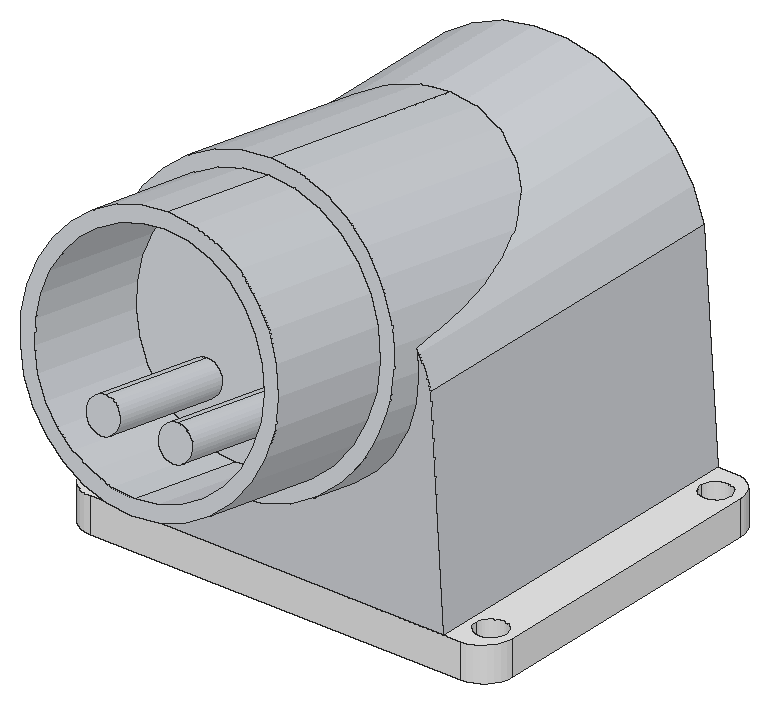
Revit family "Building-IEC309Connections-GEWISS-IEC309BTS-90°_SURF_MOUNT_INLET_20-25V_IP44", category Apparecchi elettrici, host Superficie, Revit 2019
Family settings
  Host = Superficie
  Mantenere orientamento annotazione = Sì
  Quota connettore circolare = Usa diametro
  Tipo di parte = Normale
  Taglio con vuoti quando caricato = No
  Condiviso = No
  Punto di calcolo locali = Sì
Parameters (values of type "GW60481 - IP44 90°APPL.INLET 2P 32A CC 24/42V 10H")
  simbolo acceso [instance] = yes
  distanza_simbolo [instance] = 1 mm
  distanza dal piano [instance] = 0 mm
  W = 115 mm  # constant formula
  Version file RFA = "21.11"
  URL = "https://www.gewiss.com/ww/en"
  Typology = "90° angled surface mounting inlet"
  Type of wiring = "With screw"
  Total number of operations = "-2000"
  Thermo-pressure with ball = "125 °C (active parts) - 80 °C (passive parts)"
  Terminal tightening capacity = "2.5-6mm² flexible cables - 2.5-10mm² rigid cables"
  Technical sheet = "https://www.gewiss.com/ww/en/search?q=GW60481"
  Spostamento_effettivo_S [instance] = 4000 mm - Spostamento_S  # 3045 mm
  Spostamento_S = 955 mm
  Shock resistance = "IK08"
  SPinotto = Default(2)
  SEO = "Inlet"
  Reference h: = "10"
  Realized by GEWISS S.p.A. = ""
  Rated voltage: = "20-25V and 40-50 V"
  Rated current (A) = "32"
  Default Elevation = 1219.2 mm
  Produttore = "GEWISS S.p.A."
  Piastra = Default(2)
  Permissible overload = "42A"
  Operating temperature: = "-25 +40 °C"
  No. of poles = "2P"
  Model = "GW60481"
  L = 155 mm  # constant formula
  Insulation resistance = "- 10 M?"
  Immagine tipo = (empty or 0)
  IP degree = "IP44"
  IDT = "821e2a5f66e94c3ca955b7df865af73c"
  IDF = "296db634-9b8b-4885-b434-385580f18e3b"
  Glow wire test: = "850 °C (active parts) - 650 °C (passive parts)"
  Frequency = "d.c."
  FORMULA = 1000 mm * 1  # 1000 mm
  Electrocod = "2230"
  Description = "IP44 90°APPL.INLET 2P 32A CC 24/42V 10H"
  Corpo centrale = Default(2)
  Colour: = "White"
  Catalogue = "BUILDING"
  COBie.Tagnumber = ""
  COBie.CreatedOn = ""
  COBie.CreatebBy = ""
  COBie.ComponentRegisterItemID = ""
  COBie.Component.TagNumber = ""
  COBie.Component.Space = ""
  COBie.Component.SerialNumber = ""
  COBie.Component.InstallationDate = ""
  COBie.Component.Description = ""
  COBie.Component.BarCode = ""
  Breaking capacity at 1.1 Un = "40A"
  BLOCCO = "B=C"
Types (18, lengths in mm): name | Total number of operations | Terminal tightening capacity | Technical sheet | Reference h: | Rated voltage: | Rated current (A) | Permissible overload | No. of poles | Model | IDT | Frequency | Description | Colour: | Breaking capacity at 1.1 Un
  GW60464 - IP44 90°APPL.INLET 2P 16A 24V N.R. | "-5000" | "1-2.5mm² flexible cables - 1.5-4mm² rigid cables" | "https://www.gewiss.com/ww/en/search?q=GW60464" | "-" | "20-25 V" | "16" | "22A" | "2P" | "GW60464" | "8f9231174a304a94be36c30e048564a6" | "50 - 60 Hz" | "IP44 90°APPL.INLET 2P 16A 24V N.R." | "Violet" | "20A"
  GW60465 - IP44 90°APPL.INLET 3P 16A 24V N.R. | "-5000" | "1-2.5mm² flexible cables - 1.5-4mm² rigid cables" | "https://www.gewiss.com/ww/en/search?q=GW60465" | "-" | "20-25 V" | "16" | "22A" | "3P" | "GW60465" | "ba3ec58e8ed24f709861a0556e7bc539" | "50 - 60 Hz" | "IP44 90°APPL.INLET 3P 16A 24V N.R." | "Violet" | "20A"
  GW60466 - IP44 90°APPL.INLET 2P 16A 42V 12H | "-5000" | "1-2.5mm² flexible cables - 1.5-4mm² rigid cables" | "https://www.gewiss.com/ww/en/search?q=GW60466" | "12" | "40-50 V" | "16" | "22A" | "2P" | "GW60466" | "986a607f4fb6419c9de7e3133ce5927d" | "50 - 60 Hz" | "IP44 90°APPL.INLET 2P 16A 42V 12H" | "White" | "20A"
  GW60467 - IP44 90°APPL.INLET 3P 16A 42V 12H | "-5000" | "1-2.5mm² flexible cables - 1.5-4mm² rigid cables" | "https://www.gewiss.com/ww/en/search?q=GW60467" | "12" | "40-50 V" | "16" | "22A" | "3P" | "GW60467" | "9ec27e71a097473186d8bc92797a8960" | "50 - 60 Hz" | "IP44 90°APPL.INLET 3P 16A 42V 12H" | "White" | "20A"
  GW60468 - IP44 90°APPL.INLET 2P 16A 24/42V 4H | "-5000" | "1-2.5mm² flexible cables - 1.5-4mm² rigid cables" | "https://www.gewiss.com/ww/en/search?q=GW60468" | "4" | "20-25V and 40-50 V" | "16" | "22A" | "2P" | "GW60468" | "afca2cd228534dd79af195212be72e36" | "100 - 200 Hz" | "IP44 90°APPL.INLET 2P 16A 24/42V 4H" | "Green" | "20A"
  GW60469 - IP44 90°APPL.INLET 3P 16A 24/42V 4H | "-5000" | "1-2.5mm² flexible cables - 1.5-4mm² rigid cables" | "https://www.gewiss.com/ww/en/search?q=GW60469" | "4" | "20-25V and 40-50 V" | "16" | "22A" | "3P" | "GW60469" | "cb7d859783e54eeab3cc56a992f005ae" | "100 - 200 Hz" | "IP44 90°APPL.INLET 3P 16A 24/42V 4H" | "Green" | "20A"
  GW60470 - IP44 90°APPL.INLET 2P 16A 24/42V 11H | "-5000" | "1-2.5mm² flexible cables - 1.5-4mm² rigid cables" | "https://www.gewiss.com/ww/en/search?q=GW60470" | "11" | "20-25V and 40-50 V" | "16" | "22A" | "2P" | "GW60470" | "e00d8f5f2f3e4f01b37b98778d28a8af" | "401 - 500 Hz" | "IP44 90°APPL.INLET 2P 16A 24/42V 11H" | "Green" | "20A"
  GW60471 - IP44 90°APPL.INLET 3P 16A 24/42V 11H | "-5000" | "1-2.5mm² flexible cables - 1.5-4mm² rigid cables" | "https://www.gewiss.com/ww/en/search?q=GW60471" | "11" | "20-25V and 40-50 V" | "16" | "22A" | "3P" | "GW60471" | "b325512ba2b64e6495776f4d3815dfcf" | "401 - 500 Hz" | "IP44 90°APPL.INLET 3P 16A 24/42V 11H" | "Green" | "20A"
  GW60472 - IP44 90°APPL.INLET 2P 16A CC 24/42V 10H | "-5000" | "1-2.5mm² flexible cables - 1.5-4mm² rigid cables" | "https://www.gewiss.com/ww/en/search?q=GW60472" | "10" | "20-25V and 40-50 V" | "16" | "22A" | "2P" | "GW60472" | "b81ec0e9c9f9403fbdf3646b471bd364" | "d.c." | "IP44 90°APPL.INLET 2P 16A CC 24/42V 10H" | "White" | "20A"
  GW60473 - IP44 90°APPL.INLET 2P 32A 24V N.R. | "-2000" | "2.5-6mm² flexible cables - 2.5-10mm² rigid cables" | "https://www.gewiss.com/ww/en/search?q=GW60473" | "-" | "20-25 V" | "32" | "42A" | "2P" | "GW60473" | "592917cbd13d47aca6b50bed0443e399" | "50 - 60 Hz" | "IP44 90°APPL.INLET 2P 32A 24V N.R." | "Violet" | "40A"
  GW60474 - IP44 90°APPL.INLET 3P 32A 24V N.R. | "-2000" | "2.5-6mm² flexible cables - 2.5-10mm² rigid cables" | "https://www.gewiss.com/ww/en/search?q=GW60474" | "-" | "20-25 V" | "32" | "42A" | "3P" | "GW60474" | "b0b709e6d8584829a102fbf0dc3fa4e2" | "50 - 60 Hz" | "IP44 90°APPL.INLET 3P 32A 24V N.R." | "Violet" | "40A"
  GW60475 - IP44 90°APPL.INLET 2P 32A 42V 12H | "-2000" | "2.5-6mm² flexible cables - 2.5-10mm² rigid cables" | "https://www.gewiss.com/ww/en/search?q=GW60475" | "12" | "40-50 V" | "32" | "42A" | "2P" | "GW60475" | "24ed1d03037748b6ae2ad9ce352fc6c0" | "50 - 60 Hz" | "IP44 90°APPL.INLET 2P 32A 42V 12H" | "White" | "40A"
  GW60476 - IP44 90°APPL.INLET 3P 32A 42V 12H | "-2000" | "2.5-6mm² flexible cables - 2.5-10mm² rigid cables" | "https://www.gewiss.com/ww/en/search?q=GW60476" | "12" | "40-50 V" | "32" | "42A" | "3P" | "GW60476" | "d256924d2b9040af84861a1cb8a9d010" | "50 - 60 Hz" | "IP44 90°APPL.INLET 3P 32A 42V 12H" | "White" | "40A"
  GW60477 - IP44 90°APPL.INLET 2P 32A 24/42V 4H | "-2000" | "2.5-6mm² flexible cables - 2.5-10mm² rigid cables" | "https://www.gewiss.com/ww/en/search?q=GW60477" | "4" | "20-25V and 40-50 V" | "32" | "42A" | "2P" | "GW60477" | "b9afd27bd94143868f2f7c6090503419" | "100 - 200 Hz" | "IP44 90°APPL.INLET 2P 32A 24/42V 4H" | "Green" | "40A"
  GW60478 - IP44 90°APPL.INLET 3P 32A 24/42V 4H | "-2000" | "2.5-6mm² flexible cables - 2.5-10mm² rigid cables" | "https://www.gewiss.com/ww/en/search?q=GW60478" | "4" | "20-25V and 40-50 V" | "32" | "42A" | "3P" | "GW60478" | "6959bfaf4465412cb1bd96cc0814d40b" | "100 - 200 Hz" | "IP44 90°APPL.INLET 3P 32A 24/42V 4H" | "Green" | "40A"
  GW60479 - IP44 90°APPL.INLET 2P 32A 24/42V 11H | "-2000" | "2.5-6mm² flexible cables - 2.5-10mm² rigid cables" | "https://www.gewiss.com/ww/en/search?q=GW60479" | "11" | "20-25V and 40-50 V" | "32" | "42A" | "2P" | "GW60479" | "35e01bd77cfa49ad92513a53dfc815d6" | "401 - 500 Hz" | "IP44 90°APPL.INLET 2P 32A 24/42V 11H" | "Green" | "40A"
  GW60480 - IP44 90°APPL.INLET 3P 32A 24/42V 11H | "-2000" | "2.5-6mm² flexible cables - 2.5-10mm² rigid cables" | "https://www.gewiss.com/ww/en/search?q=GW60480" | "11" | "20-25V and 40-50 V" | "32" | "42A" | "3P" | "GW60480" | "b670ff4812344c8098382cb1310fc50c" | "401 - 500 Hz" | "IP44 90°APPL.INLET 3P 32A 24/42V 11H" | "Green" | "40A"
  GW60481 - IP44 90°APPL.INLET 2P 32A CC 24/42V 10H | "-2000" | "2.5-6mm² flexible cables - 2.5-10mm² rigid cables" | "https://www.gewiss.com/ww/en/search?q=GW60481" | "10" | "20-25V and 40-50 V" | "32" | "42A" | "2P" | "GW60481" | "821e2a5f66e94c3ca955b7df865af73c" | "d.c." | "IP44 90°APPL.INLET 2P 32A CC 24/42V 10H" | "White" | "40A"
Reference planes
  plane 1 "Centro (Fronte/Retro)": y = 0
  plane 2: z = 0
  plane 3 "Centro (Sinistra/Destra)": x = 0
  plane 4: x = -3000
  plane 5: x = 45
  plane 6: z = 0
Dimensions and locks
  plane 4 to plane 3 "Centro (Sinistra/Destra)" = 3000 mm
  "Spostamento_effettivo_S": plane 4 to plane 5
  "distanza dal piano": plane 6 to plane 2
  aligned and locked: plane 2 to host face
  aligned and locked: level to host face
  aligned and locked: plane 3 "Centro (Sinistra/Destra)" to nested 1
  aligned and locked: plane 1 "Centro (Fronte/Retro)" to nested 1
  aligned and locked: nested 2 to plane 5
  aligned and locked: nested 1 to host face
Automatic sketch dimensions
  host sketch curve to host sketch curve = 2438.4 mm  (x2)
Nested families
  nested 1: "IEC309 SPINE FISSE PARETE 90' BASSISSIMA V IP44_base" at (0, 0, 0), type "IEC309 SPINE FISSE PARETE 90' BASSISSIMA V IP44_base"
  nested 2: "simbolo_circuito_GW60201" at (45, 171.559, 0), visible <- "simbolo acceso", Distanza dal muro <- "distanza_simbolo", type "3P"
    with SIMBOLO ACCESO yes, Distanza dal muro 1 mm
  nested 3: "simb_front_IEC309 SPINE FISSE PARETE 90' BASSISSIMA V IP44" at (0, 0, 0), type "simb_front_IEC309 SPINE FISSE PARETE 90' BASSISSIMA V IP44"
Connectors
  electrical at (37.5, 30, 0)
    settings: on nested 1, index 1, voltage 0 V, apparent load 0 VA, apparent load phase1 0 VA, apparent load phase2 0 VA, apparent load phase3 0 VA, power factor 1, load classification "Altro", number of poles 1, system type 31, power factor state 1, is connector primary yes, connector utility no, sub classification motor no, connector description ""
Definition of nested family "IEC309 SPINE FISSE PARETE 90' BASSISSIMA V IP44_base"
  Parameters (values of type "IEC309 SPINE FISSE PARETE 90' BASSISSIMA V IP44_base")
    sp_ghiera = 16 mm
    h = 60 mm
    dis_base = 71 mm
    Spinotto = none
    PIASTRA = none
    Lunghezza totale = 140 mm
    CENTRALE = none
    Bsae = 75 mm
  Reference planes
    plane 1 "Centro (Fronte/Retro)": y = 0
    plane 2: z = 0
    plane 3 "Centro (Sinistra/Destra)": x = 0
    plane 4: x = 48
    plane 5: x = 75
    plane 6: y = 60
    plane 7: z = 6
    plane 8: y = 54.607
    plane 9: y = 5.392
    plane 10: x = 37.5
    plane 11: y = 30
    plane 12: through (4267.2, -43.825, 42.63) normal (0, 0.1727, 0.985)
    plane 13: x = 4.026
    plane 14: x = 70.974
    plane 15: through (4267.2, 5.371, 37.61) normal (0, -0.168, -0.9858)
  Forms (mm)
    Extrusion 1, solid, material <- "PIASTRA"
      sketch origin (0, 0, 0) x (1, 0, 0) y (0, 1, 0)
        loop
          arc (5, 60) -> (1.464, 58.536) -> (0, 55) r 5
          line (0, 55) -> (0, 5)
          arc (0, 5) -> (1.464, 1.464) -> (5, 0) r 5
          line (5, 0) -> (70, 0)
          arc (70, 0) -> (73.536, 1.464) -> (75, 5) r 5
          line (75, 5) -> (75, 55)
          arc (75, 55) -> (73.536, 58.536) -> (70, 60) r 5
          line (70, 60) -> (5, 60)
      from 0 to 6
    Extrusion 2, void
      sketch origin (0, 0, 0) x (1, 0, 0) y (0, 1, 0)
        loop
          circle (4.026, 54.607) r 2.665
        loop
          circle (70.974, 54.607) r 2.602
        loop
          circle (70.974, 5.392) r 2.692
        loop
          circle (4.026, 5.392) r 2.603
      from 0 to 6
    Extrusion 3, solid
      sketch origin (0, 0, 0) x (1, 0, 0) y (0, 0, 1)
        loop
          line (7.941, 6) -> (67.059, 6) -> (64.64, 43.307)
          arc (64.64, 43.307) -> (37.595, 64.199) -> (10.375, 43.534) r 28.105
          line (10.375, 43.534) -> (7.941, 6)
      from -60 to 0
    Sweep 4, solid
      path origin (0, 19.254, -13.324) x (0, 1, 0) y (0, 0, 1)
        loop
          line (-24.725, 59.815) -> (29.449, 50.32)
      profile origin (0, 21.616, 41.743) x (0, 0.17265, 0.984983) y (1, 0, 0)
        loop
          circle (0, 37.5) r 25
        loop
          circle (0, 37.5) r 20
    Sweep 5, solid
      path origin (0, 0, 0) x (0, 1, 0) y (0, 0, 1)
        loop
          line (-27.644, 50.377) -> (0, 45.532)
      profile origin (0, -13.822, 47.955) x (0, 0.17265, 0.984983) y (1, 0, 0)
        loop
          circle (0, 37.5) r 22.5
    Sweep 6, void
      path origin (0, 0, 0) x (0, 1, 0) y (0, 0, 1)
        loop
          line (-27.644, 50.377) -> (-5.471, 46.491)
      profile origin (0, -16.557, 48.434) x (0, 0.17265, 0.984983) y (1, 0, 0)
        loop
          circle (0, 37.5) r 20
    Sweep 7, solid
      path origin (0, 0, 0.625) x (0, 1, 0) y (0, 0, 1)
        loop
          line (-29.444, 40.109) -> (-7.271, 36.222)
      profile origin (0, -18.357, 38.791) x (0, 0.17265, 0.984983) y (1, 0, 0)
        loop
          circle (0, 43.505) r 3
    Sweep 8, solid
      path origin (75, 0, 0.625) x (0, 1, 0) y (0, 0, -1)
        loop
          line (-29.444, -40.109) -> (-7.271, -36.222)
      profile origin (75, -18.357, 38.791) x (0, -0.17265, -0.984983) y (-1, 0, 0)
        loop
          circle (0, 44.13) r 3
  Cuts and joins
    Extrusion 2 cuts Extrusion 1
    Sweep 6 cuts Extrusion 3
    Sweep 6 cuts Sweep 4
    Sweep 6 cuts Sweep 5
    joined: Extrusion 3, Sweep 4, Sweep 5
  Lines and regions (mm)
    symbolic lines
      curve 1: line (265.256, 320.85, 0) -> (277.43, 320.85, 0)
  Dimensions and locks
    "Bsae": plane 3 "Centro (Sinistra/Destra)" to plane 5
    plane 7 to level = 6 mm
    locked: plane 1 "Centro (Fronte/Retro)" to plane 9 at 5.392
    equal spacing: plane 3 "Centro (Sinistra/Destra)", plane 10, plane 5
    locked: plane 6 to plane 8 at 5.393
    equal spacing: plane 1 "Centro (Fronte/Retro)", plane 11, plane 6
    locked: plane 7 to plane 2 at 6
    locked: plane 3 "Centro (Sinistra/Destra)" to plane 13 at 4.026
    locked: plane 14 to plane 5 at 4.026
    plane 1 "Centro (Fronte/Retro)" to plane 6 = 60 mm
    radius of Extrusion 1 sketch curve = 5 mm  (x4)
    aligned and locked: level to plane 2
    aligned and locked: Extrusion 1 to level
    aligned and locked: plane 7 to Extrusion 1
    aligned and locked: Extrusion 2 to level
    aligned and locked: plane 7 to Extrusion 2
    aligned and locked: cut or joined group of Extrusion 3, Sweep 4, Sweep 5, Sweep 6 to plane 7
    aligned and locked: plane 10 to Sweep 4 sketch curve  (x2)
    aligned and locked: plane 13 to Extrusion 2 sketch curve  (x2)
    aligned and locked: plane 14 to Extrusion 2 sketch curve  (x2)
    aligned and locked: plane 6 to Extrusion 3
  Automatic sketch dimensions
    curve 1 to plane 5 = 190.256 mm
    plane 6 to curve 1 = 260.85 mm
    curve 1 to curve 1 = 12.174 mm
    Extrusion 1 sketch curve to plane 3 "Centro (Sinistra/Destra)" = 0 mm
    Extrusion 1 sketch curve to plane 6 = 0 mm
    plane 1 "Centro (Fronte/Retro)" to Extrusion 1 sketch curve = 0 mm
    Extrusion 1 sketch curve to plane 5 = 0 mm
    Extrusion 2 sketch curve to plane 9 = 0 mm  (x2)
    Extrusion 2 sketch curve to plane 8 = 0 mm  (x2)
    Extrusion 3 sketch curve to plane 7 = 0 mm
    plane 13 to Extrusion 3 sketch curve = 3.915 mm
    plane 13 to Extrusion 3 sketch curve = 6.349 mm
    Extrusion 3 sketch curve to plane 10 = 0.023 mm
    plane 14 to Extrusion 3 sketch curve = 6.334 mm
    plane 14 to Extrusion 3 sketch curve = 3.915 mm
    plane 7 to Extrusion 3 sketch curve = 30.094 mm
    Extrusion 3 sketch curve to Extrusion 3 sketch curve = 7.213 mm
    plane 1 "Centro (Fronte/Retro)" to Sweep 4 sketch curve = 5.471 mm
    Sweep 4 sketch curve to plane 8 = 5.904 mm
    plane 7 to Sweep 4 sketch curve = 30.995 mm
    plane 7 to Sweep 4 sketch curve = 40.491 mm
    Sweep 4 sketch curve to Sweep 4 sketch curve = 0 mm
    Sweep 4 sketch curve to profile plane = 0 mm
    Sweep 5 sketch curve to plane 1 "Centro (Fronte/Retro)" = 0 mm
    plane 7 to Sweep 5 sketch curve = 39.532 mm
    plane 1 "Centro (Fronte/Retro)" to Sweep 5 sketch curve = 27.644 mm
    Sweep 5 sketch curve to Sweep 5 sketch curve = 4.845 mm
    Sweep 5 sketch curve to profile plane = 0 mm
    plane 3 "Centro (Sinistra/Destra)" to Sweep 5 sketch curve = 37.5 mm
    plane 1 "Centro (Fronte/Retro)" to Sweep 6 sketch curve = 27.644 mm
    plane 1 "Centro (Fronte/Retro)" to Sweep 6 sketch curve = 5.471 mm
    plane 7 to Sweep 6 sketch curve = 40.491 mm
    Sweep 6 sketch curve to Sweep 6 sketch curve = 3.886 mm
    Sweep 6 sketch curve to profile plane = 0 mm
    plane 3 "Centro (Sinistra/Destra)" to Sweep 6 sketch curve = 37.5 mm
    plane 1 "Centro (Fronte/Retro)" to Sweep 7 sketch curve = 29.444 mm
    plane 1 "Centro (Fronte/Retro)" to Sweep 7 sketch curve = 7.271 mm
    plane 7 to Sweep 7 sketch curve = 30.847 mm
    Sweep 7 sketch curve to Sweep 7 sketch curve = 3.886 mm
    Sweep 7 sketch curve to profile plane = 0 mm
    plane 3 "Centro (Sinistra/Destra)" to Sweep 7 sketch curve = 43.505 mm
    plane 1 "Centro (Fronte/Retro)" to Sweep 8 sketch curve = 29.444 mm
    plane 7 to Sweep 8 sketch curve = 34.734 mm
    plane 1 "Centro (Fronte/Retro)" to Sweep 8 sketch curve = 7.271 mm
    Sweep 8 sketch curve to Sweep 8 sketch curve = 3.886 mm
    profile plane to Sweep 8 sketch curve = 0 mm
    profile plane to Sweep 8 sketch curve = 44.13 mm
    radius of Extrusion 2 sketch curve = 2.665 mm
    radius of Extrusion 2 sketch curve = 2.602 mm
    radius of Extrusion 2 sketch curve = 2.692 mm
    radius of Extrusion 2 sketch curve = 2.603 mm
    radius of Sweep 4 sketch curve = 25 mm
    radius of Sweep 4 sketch curve = 20 mm
    radius of Sweep 5 sketch curve = 22.5 mm
    radius of Sweep 6 sketch curve = 20 mm
    radius of Sweep 7 sketch curve = 3 mm
    radius of Sweep 8 sketch curve = 3 mm
Definition of nested family "simbolo_circuito_GW60201"
  Parameters (values of type "3P")
    SIMBOLO ACCESO [instance] = yes
    Distanza dal muro [instance] = 0 mm
  Reference planes
    plane 1: y = 0
    plane 2: x = 0
  Dimensions and locks
    "Distanza dal muro": plane 1 to nested 1
    aligned and locked: plane 2 to nested 1
  Nested families
    nested 1: "simbolo_circuito_GW60201_base" at (0, 0, 0), visible <- "SIMBOLO ACCESO", type "3P"
      with CORNICE SIMBOLO yes
  Definition of nested family "simbolo_circuito_GW60201_base"
    Parameters (values of type "3P")
      CORNICE SIMBOLO [instance] = yes
      3P = yes
    Types (2, lengths in mm): name | 3P
      3P | yes
      2P | no
    Reference planes
      plane 1: y = 0
      plane 2: x = 0
    Lines and regions (mm)
      detail lines
        curve 1: arc (0.298, 0.46, 0) -> (0, 0.758, 0) -> (-0.298, 0.46, 0) r 0.298
        curve 2: arc (0.139, 0.652, 0) -> (0, 0.731, 0) -> (-0.139, 0.652, 0) r 0.163
        curve 3: arc (-0.139, 0.106, 0) -> (0, 0.027, 0) -> (0.139, 0.106, 0) r 0.163
        curve 4: circle (0, 2.381, 0) r 0.05 normal (0, 0, 1)
        curve 5: line (0, 3.386, 0) -> (0, 0.758, 0)
        curve 6: line (-0.139, 0.652, 0) -> (-0.139, 0.106, 0)
        curve 7: line (0.139, 0.652, 0) -> (0.139, 0.106, 0)
      detail lines, not visible
        curve 8: arc (2.679, 0.46, 0) -> (2.381, 0.758, 0) -> (2.083, 0.46, 0) r 0.298
        curve 9: arc (2.52, 0.652, 0) -> (2.381, 0.731, 0) -> (2.241, 0.652, 0) r 0.163
        curve 10: arc (2.241, 0.106, 0) -> (2.381, 0.027, 0) -> (2.52, 0.106, 0) r 0.163
        curve 11: circle (2.381, 2.381, 0) r 0.05 normal (0, 0, 1)
        curve 12: line (2.381, 3.386, 0) -> (2.381, 0.758, 0)
        curve 13: line (2.241, 0.652, 0) -> (2.241, 0.106, 0)
        curve 14: line (2.52, 0.652, 0) -> (2.52, 0.106, 0)
Definition of nested family "simb_front_IEC309 SPINE FISSE PARETE 90' BASSISSIMA V IP44"
  Reference planes
    plane 1 "Centro (Fronte/Retro)": y = 0
    plane 2: z = 0
    plane 3 "Centro (Sinistra/Destra)": x = 0
  Dimensions and locks
    aligned and locked: import instance to plane 3 "Centro (Sinistra/Destra)"
    aligned and locked: plane 1 "Centro (Fronte/Retro)" to import instance
